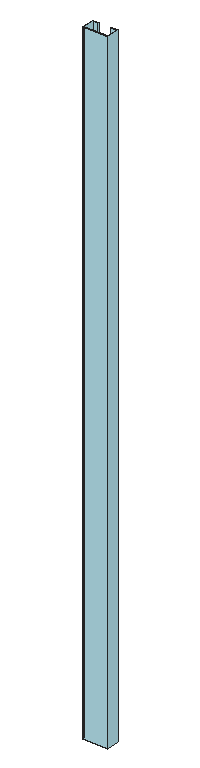
Revit family "リップ付チャンネルAS-40×20×10×1.6", category 機械設備, Revit 2020
Family settings
  丸型コネクタ寸法 = 直径を使用
  種別 = なし
  パーツ タイプ = 標準
  作業面ベース = いいえ
  常に垂直 = はい
  ロード時にボイドで切り取り = いいえ
  共有 = いいえ
  部屋計算ポイント = いいえ
Parameters
  製造元 = "株式会社桐井製作所"
  既定の高さ = 0 mm
  URL = "https://www.kirii.co.jp/"
  K_長さ(mm) [instance] = 1000 mm
  K_外形寸法(mm) = "40×20×10×1.6"
  K_品名 = "リップ付チャンネルAS-40×20×10×1.6"
  K_名称 = "斜め部材(ブレース材)"
  K_バージョン情報 = "20210714"
Reference planes
  plane 1 "中心(正面/背面)": y = 0
  plane 2: z = 0
  plane 3 "中心(左/右)": x = 0
  plane 4: x = 20
  plane 5: x = -20
  plane 6: z = 1000
Forms (mm)
  Extrusion 1, solid
    sketch origin (0, 1, 0) x (1, 0, 0) y (0, 1, 0)
      loop
        line (-20, 19) -> (-20, -1) -> (20, -1) -> (20, 19) -> (10, 19) -> (10, 17.4) -> (18.4, 17.4) -> (18.4, 0.6) -> (-18.4, 0.6) -> (-18.4, 17.4) -> (-10, 17.4) -> (-10, 19) -> (-20, 19)
    from 0 to 1000
Dimensions and locks
  "K_長さ(mm)": plane 6 to plane 2
  aligned and locked: level to plane 2
  aligned and locked: plane 6 to Extrusion 1
Automatic sketch dimensions
  Extrusion 1 sketch curve to plane 4 = 0 mm
  Extrusion 1 sketch curve to plane 4 = 10 mm
  Extrusion 1 sketch curve to plane 1 "中心(正面/背面)" = 18.4 mm  (x2)
  Extrusion 1 sketch curve to Extrusion 1 sketch curve = 1.6 mm  (x2)
  Extrusion 1 sketch curve to plane 3 "中心(左/右)" = 10 mm
  plane 5 to Extrusion 1 sketch curve = 1.6 mm
  Extrusion 1 sketch curve to plane 1 "中心(正面/背面)" = 1.6 mm
  Extrusion 1 sketch curve to plane 4 = 1.6 mm
  Extrusion 1 sketch curve to plane 5 = 0 mm
  plane 1 "中心(正面/背面)" to Extrusion 1 sketch curve = 0 mm
